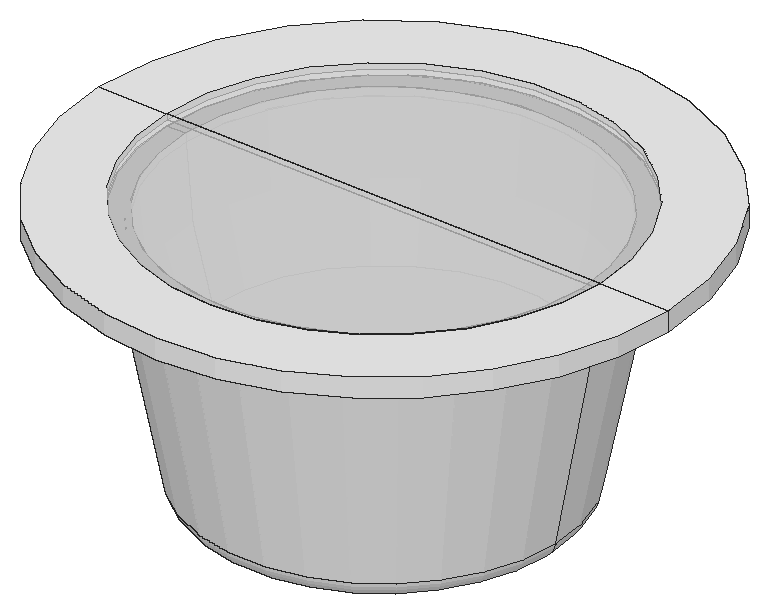
Revit family "2060560+2028036 Sylvania Lighting Fixture ASCENT 100 II ARCH 2700 3K STD 160 with IP44 Frost Glass", category Lighting Fixtures, host Face, Revit 2016
Family settings
  Host = Face
  Part Type = Normal
  Round Connector Dimension = Use Diameter
  OmniClass Number = 23.80.70.11.17
  OmniClass Title = Specialized Lighting by Location or Use
  Cut with Voids When Loaded = No
  Light Source = Yes
  Shared = No
  Room Calculation Point = No
Parameters (values of type "2060560+2028036 ASCT100 II ARCH 2700 3K STD 160 with IP44 Frost Glass")
  WidthBezelAcc_SYL = 25.0 mm
  Weight = "1.2 kg"
  Wattage = 21 W
  WarrantyStartDate [instance] = "n/a"
  WarrantyGuarantorParts = "n/a"
  WarrantyDurationUnit = "n/a"
  WarrantyDurationParts = "n/a"
  WarrantyDescription = "n/a"
  built-in parameter 1150110 = 1 (stored number, unit not read)
  Voltage = 0 V
  VisibilityAccessory_SYL = yes
  TypeName = "ASCENT 100 II ARCH 2700 3K STD 160 with IP44 Frost Glass"
  built-in parameter 1114217 = 1 (stored number, unit not read)
  Tilt Angle = -90°
  built-in parameter 1150109 = 1 (stored number, unit not read)
  built-in parameter 1150134 = (empty or 0)
  built-in parameter 1150113 = 1 (stored number, unit not read)
  SerialNumber [instance] = "n/a"
  ReflectorRadius_SYL = Radius_SYL - 14.5 mm  # 80.0 mm
  RadiusAcc_SYL = 105.0 mm
  Radius_SYL = 94.5 mm
  URL = "http://www.sylvania-lighting.com"
  PowerFactor = 0
  PowerConsumption = "21 W"
  Photometric Web File = "2060560.ies"
  NominalWidth = 0.0 mm
  NominalLength = 0.0 mm
  NominalHeight = 94.0 mm
  Name = "ASCENT 100 II ARCH 2700 3K STD 160 with IP44 Frost Glass"
  ModelReference = "ASCENT 100 II ARCH 2700 3K STD 160 with IP44 Frost Glass"
  ModelNumber = "2060560+2028036"
  Material_4_SYL = none
  Material_3_SYL = Polycarbonate_Sylvania_Ascent_Opal
  Material_2_SYL = Aluminium_Sylvania_Ascent_Silver
  Material_1_SYL = Aluminum_Sylvania_Ascent_White
  Material = "aluminium housing, arcylic diffuser"
  ManufacturerName = "Feilo Sylvania"
  LuminousEfficacy = "126 lm/W"
  built-in parameter 1150105 = 210.56 (stored number, unit not read)
  Lumens = 2646 lm
  LuminaireType = ""
  built-in parameter 1150115 = 1 (stored number, unit not read)
  LightOutputRatio = "100"
  built-in parameter 1150137 = (empty or 0)
  built-in parameter 1150139 = (empty or 0)
  LampsType = Lamp  # "LED"
  LampNominalLuminous = "2649 lm"
  LampMacAdamStep = "3"
  LampColourTemperature = "3000 K"
  LampColourRenderingIndex = "80"
  built-in parameter 1150112 = 1 (stored number, unit not read)
  built-in parameter 1150114 = 1 (stored number, unit not read)
  Keynote = "16500"
  InstallationDate [instance] = "n/a"
  InputVoltage = "n/a"
  InputNominalFrequency = "n/a"
  built-in parameter 1150132 = (empty or 0)
  built-in parameter 1150102 = (empty or 0)
  built-in parameter 1150107 = 3000 (stored number, unit not read)
  built-in parameter 1150138 = (empty or 0)
  IngressProtection = "IP44"
  ImpactProtectionIndex = "IK02"
  built-in parameter 1150106 = 2.1056 (stored number, unit not read)
  IfcExportType = "IfcLightFixtureType"
  IfcExportAs = "IfcLightFixtureType"
  Height_SYL = 94.0 mm
  HeightAcc_SYL = 7.0 mm
  ExpectedLife = 50000
  EmittionSurface_SYL = if(VisibilityAccessory_SYL, 7.0 mm, 3.0 mm)  # 7.0 mm
  Emit from Circle Diameter = DiffuserRadius_SYL * 2  # 146.0 mm
  Emit Shape Visible in Rendering = no
  ElectricShockClassification = "Class II"
  built-in parameter 1150104 = 11.706 (stored number, unit not read)
  DurationUnit = "hours"
  DocumentationLiterature = "http://www.sylvania-lighting.com/product/en-int/products/2060560"
  DimmingControlOptions = "n/a"
  Dimming Lamp Color Temperature Shift = <None>
  DiffuserRadius_SYL = ReflectorRadius_SYL - 7.0 mm  # 73.0 mm
  Diameter_SYL = 2 * Radius_SYL  # 189.0 mm
  CutoutDiameter_SYL = Diameter_SYL - 13.0 mm  # 176.0 mm
  CreatedOn = "9/17/2018"
  CreatedBy = "@sylvania-lighting.com"
  Color Filter = 16777215
  built-in parameter 1114216 [instance] = 1 (stored number, unit not read)
  Model = "ASCENT 100 II ARCH 2700 3K STD 160 with IP44 Frost Glass"
  Manufacturer = "Feilo Sylvania"
  Lamp = "LED"
  Description = "Direct LED retro fit for original LED 100 Arch (160) single CFL lamp offering Matching lumen levels and improved light distribution of original LED 100 CFL lamp equivalents Typically half the power consumption compared to CFL Up to 112lm/W 160mm aperture Architectural reflector accepts range of glass accessories from existing LED 100 Arch 160 offering HE, HO and VHO versions equivalent of single 1 x 18W, 1 x 32W, 1 x 42W\r\n Additional VVHO versions which offer the performance circa 2 x 32W equivalent"  # constant formula
  Default Elevation = 0.0 mm
  built-in parameter 1140040 [instance] = 1
  BarCode [instance] = "n/a"
  built-in parameter 1114218 = 1 (stored number, unit not read)
  built-in parameter 1150133 = 10 (stored number, unit not read)
  AssetType = "Fixed"
  AssetIdentifier [instance] = "n/a"
  Assembly Code = "D5020200"
  Apparent Load = 21 VA
  Aperture_SYL = 2 * ReflectorRadius_SYL  # 160.0 mm
Reference planes
  plane 1 "Center (Front/Back)": y = 0
  plane 2: z = 0
  plane 3 "Center (Left/Right)": x = 0
  plane 4 "Fixture Bottom": z = 3
  plane 5: z = -52.5
  plane 6 "Fixture Top": z = -91
  plane 7: x = -105
  plane 8: z = 7
  plane 9: x = -80
  plane 10: z = 5
  plane 11: x = -103
Forms (mm)
  Extrusion 1, solid, material "Aluminum_Sylvania_Ascent_White", detail levels fine
    sketch origin (0, 0, 0) x (1, 0, 0) y (0, 1, 0)
      loop
        circle (0, 0) r 94.5
      loop
        circle (0, 0) r 80
    from 0 to 3
  Extrusion 2, void
    sketch origin (0, 0, 0) x (1, 0, 0) y (0, 1, 0)
      loop
        circle (0, 0) r 88
    from -91 to 3
  Revolve 3, solid, material "Aluminum_Sylvania_Ascent_White" <- "Material_1_SYL", detail levels fine
    sketch origin (0, 0, 0) x (1, 0, 0) y (0, 0, 1)
      loop
        line (0, -91.073) -> (0, -89.023) -> (-55.468, -89.014)
        arc (-55.468, -89.014) -> (-59.352, -87.613) -> (-61.54, -84.139) r 6.307
        line (-61.54, -84.139) -> (-77.991, -2.844) -> (-77.991, 0) -> (-80, 0) -> (-80, -3) -> (-63.5, -84.536)
        arc (-63.5, -84.536) -> (-60.643, -89.203) -> (-55.5, -91.073) r 8.291
        line (-55.5, -91.073) -> (0, -91.073)
      axis (0, 0) -> (0, -91.073)
    angle from 0 to 360
  Revolve 4, solid, material "Aluminium_Sylvania_Ascent_Silver" <- "Material_2_SYL", detail levels fine
    sketch origin (0, 0, 0) x (1, 0, 0) y (0, 0, 1)
      loop
        line (-80, 3) -> (-80, 0) -> (-75, 0)
        arc (-75, 0) -> (-72.349, -26.77) -> (-64.5, -52.5) r 136.5
        line (-64.5, -52.5) -> (-58, -52.5)
        arc (-58, -52.5) -> (-56.857, -61.521) -> (-53.5, -69.971) r 36.166
        line (-53.5, -69.971) -> (0, -69.971) -> (0, -50.5) -> (-63.16, -50.5)
        arc (-63.16, -50.5) -> (-70.517, -25.725) -> (-73, 0) r 134.5
        line (-73, 0) -> (-73, 3) -> (-80, 3)
      axis (0, 3) -> (0, -69.971)
    angle from 0 to 360
  Extrusion 5, solid, material "Polycarbonate_Sylvania_Ascent_Opal" <- "Material_3_SYL", detail levels fine
    sketch origin (0, 0, 0) x (1, 0, 0) y (0, 1, 0)
      loop
        circle (0, 0) r 73
    from 0 to 3
  Revolve 6, solid, material "Aluminum_Sylvania_Ascent_White" <- "Material_1_SYL", detail levels coarse+medium
    sketch origin (0, 0, 0) x (1, 0, 0) y (0, 0, 1)
      loop
        line (0, -91.073) -> (0, 3) -> (-94.5, 3) -> (-94.5, 0) -> (-79.5, 0) -> (-79.5, -3) -> (-63, -84.536)
        arc (-63, -84.536) -> (-60.143, -89.203) -> (-55, -91.073) r 8.291
        line (-55, -91.073) -> (0, -91.073)
      axis (0, 3) -> (0, -91.073)
    angle from 0 to 360
  Revolve 7, solid, material "Aluminum_Sylvania_Ascent_White" <- "Material_1_SYL", visible <- "VisibilityAccessory_SYL"
    sketch origin (0, 0, 0) x (1, 0, 0) y (0, 0, 1)
      loop
        line (-105, 0) -> (-103, 0) -> (-103, 5) -> (-80, 5) -> (-80, 7) -> (-105, 7) -> (-105, 0)
      axis (0, 7) -> (0, 0)
    angle from 0 to 360
  Revolve 8, solid, material "Polycarbonate_Sylvania_Ascent_Opal" <- "Material_3_SYL", visible <- "VisibilityAccessory_SYL"
    sketch origin (0, 0, 0) x (1, 0, 0) y (0, 0, 1)
      loop
        line (-80, 7) -> (-80, 5) -> (0, 5) -> (0, 7) -> (-80, 7)
      axis (0, 7) -> (0, 5)
    angle from 0 to 360
Lines and regions (mm)
  reference lines
    curve 1: line (-150, 0, 7) -> (125, 0, 7)
Dimensions and locks
  locked: plane 4 "Fixture Bottom" to plane 2 at 3
  "Height_SYL": plane 4 "Fixture Bottom" to plane 6 "Fixture Top"
  "ReflectorRadius_SYL": plane 3 "Center (Left/Right)" to Revolve 4 sketch curve
  locked: Revolve 4 sketch curve to Revolve 4 sketch curve at 15.5
  locked: Revolve 4 sketch curve to Revolve 4 sketch curve at 5
  locked: Revolve 4 sketch curve to Revolve 4 sketch curve at 7
  locked: Revolve 4 sketch curve to Revolve 4 sketch curve at 22
  locked: Revolve 4 sketch curve to Revolve 4 sketch curve at 26.5
  locked: Revolve 3 sketch curve to Revolve 3 sketch curve at 16.5
  locked: Revolve 3 sketch curve to Revolve 3 sketch curve at 24.5
  "ReflectorRadius_SYL": Revolve 3 sketch curve to plane 3 "Center (Left/Right)"
  locked: Revolve 3 sketch curve to plane 6 "Fixture Top" at 6.464
  locked: plane 2 to Revolve 3 sketch curve at 3
  locked: Revolve 3 sketch curve to Revolve 3 sketch curve at 2
  locked: Revolve 3 sketch curve to Revolve 3 sketch curve at 2.009
  locked: plane 2 to plane 5 at 52.5
  locked: Revolve 6 sketch curve to Revolve 6 sketch curve at 31.5
  locked: Revolve 6 sketch curve to Revolve 6 sketch curve at 39.5
  locked: Revolve 6 sketch curve to Revolve 6 sketch curve at 15
  "Radius_SYL": plane 3 "Center (Left/Right)" to Revolve 6 sketch curve
  "RadiusAcc_SYL": plane 3 "Center (Left/Right)" to plane 7
  "HeightAcc_SYL": plane 8 to level
  "WidthBezelAcc_SYL": plane 7 to plane 9
  locked: plane 7 to plane 11 at 2
  locked: plane 8 to plane 10 at 2
  "EmittionSurface_SYL": curve 1 to level
  "CutoutDiameter_SYL": diameter of Extrusion 2 sketch curve
  "ReflectorRadius_SYL": radius of Extrusion 1 sketch curve
  "DiffuserRadius_SYL": radius of Extrusion 5 sketch curve
  "Radius_SYL": radius of Extrusion 1 sketch curve
  aligned and locked: host face to plane 2
  aligned and locked: host face to level
  aligned and locked: plane 4 "Fixture Bottom" to Extrusion 1
  aligned and locked: Extrusion 1 to plane 2
  aligned and locked: Revolve 3 sketch curve to plane 3 "Center (Left/Right)"
  aligned and locked: Revolve 4 sketch curve to plane 3 "Center (Left/Right)"  (x2)
  aligned and locked: plane 4 "Fixture Bottom" to Revolve 4 sketch curve
  aligned and locked: Extrusion 5 to plane 2
  aligned and locked: plane 2 to Revolve 3 sketch curve  (x2)
  aligned and locked: Revolve 6 sketch curve to plane 3 "Center (Left/Right)"
  aligned and locked: plane 6 "Fixture Top" to Extrusion 2
  aligned and locked: Revolve 7 sketch curve to plane 3 "Center (Left/Right)"
  aligned and locked: host face to Revolve 7 sketch curve  (x2)
  aligned and locked: Revolve 7 sketch curve to plane 7
  aligned and locked: plane 8 to Revolve 7 sketch curve
  aligned and locked: plane 9 to Revolve 7 sketch curve
  aligned and locked: Revolve 7 sketch curve to plane 10
  aligned and locked: plane 11 to Revolve 7 sketch curve
  aligned and locked: Revolve 7 to Revolve 8 sketch curve
  aligned and locked: Revolve 8 sketch curve to Revolve 7  (x2)
  aligned and locked: Revolve 8 sketch curve to plane 3 "Center (Left/Right)"  (x2)
  aligned and locked: plane 3 "Center (Left/Right)" to imposter light
  aligned and locked: imposter light to plane 1 "Center (Front/Back)"
  aligned and locked: imposter light to curve 1
Automatic sketch dimensions
  plane 1 "Center (Front/Back)" to Extrusion 2 sketch curve = 0.0 mm
  Extrusion 2 sketch curve to plane 3 "Center (Left/Right)" = 0.0 mm
  Extrusion 1 sketch curve to Extrusion 1 sketch curve = 0.0 mm  (x2)
  plane 1 "Center (Front/Back)" to Extrusion 1 sketch curve = 0.0 mm
  Extrusion 1 sketch curve to plane 3 "Center (Left/Right)" = 0.0 mm
  plane 6 "Fixture Top" to Revolve 3 sketch curve = 0.073 mm
  Revolve 3 sketch curve to plane 6 "Fixture Top" = 6.861 mm
  Revolve 3 sketch curve to Revolve 3 sketch curve = 0.003 mm
  Revolve 3 sketch curve to Revolve 3 sketch curve = 0.009 mm  (x2)
  Revolve 3 sketch curve to Revolve 3 sketch curve = 0.023 mm
  Revolve 3 sketch curve to Revolve 3 sketch curve = 0.072 mm
  Revolve 3 sketch curve to Revolve 3 sketch curve = 0.008 mm
  Revolve 3 sketch curve to plane 6 "Fixture Top" = 1.977 mm
  Revolve 3 sketch curve to Revolve 3 sketch curve = 33.496 mm
  Revolve 3 sketch curve to Revolve 3 sketch curve = 0.028 mm
  plane 4 "Fixture Bottom" to Revolve 3 sketch curve = 82.431 mm
  Revolve 4 sketch curve to Revolve 4 sketch curve = 0.0 mm  (x2)
  Revolve 4 sketch curve to plane 5 = 0.0 mm
  Revolve 4 sketch curve to level = 0.0 mm
  plane 5 to Revolve 4 sketch curve = 2.0 mm
  plane 4 "Fixture Bottom" to Revolve 4 sketch curve = 9.642 mm
  plane 1 "Center (Front/Back)" to Extrusion 5 sketch curve = 0.0 mm
  Extrusion 5 sketch curve to plane 3 "Center (Left/Right)" = 0.0 mm
  Revolve 4 sketch curve to level = 69.971 mm
  Revolve 4 sketch curve to Revolve 4 sketch curve = 2.387 mm
  Revolve 6 sketch curve to level = 0.0 mm
  Revolve 6 sketch curve to plane 3 "Center (Left/Right)" = 0.0 mm
  Revolve 6 sketch curve to Revolve 6 sketch curve = 8.104 mm
  Revolve 6 sketch curve to level = 3.0 mm
  Revolve 6 sketch curve to plane 6 "Fixture Top" = 6.464 mm
  plane 6 "Fixture Top" to Revolve 6 sketch curve = 0.073 mm
  Revolve 6 sketch curve to Revolve 6 sketch curve = 33.496 mm
  plane 4 "Fixture Bottom" to Revolve 6 sketch curve = 82.431 mm
  host sketch curve to host sketch curve = 1704.996 mm
  host sketch curve to host sketch curve = 1500.0 mm
  plane 6 "Fixture Top" to Revolve 7 sketch curve = 281.274 mm
  Revolve 7 sketch curve to plane 8 = 1140.706 mm
  plane 6 "Fixture Top" to Revolve 8 sketch curve = 281.274 mm
  Revolve 8 sketch curve to Revolve 8 sketch curve = 1140.706 mm
  Revolve 3 sketch curve to plane 3 "Center (Left/Right)" = 0.0 mm
  Revolve 6 sketch curve to plane 4 "Fixture Bottom" = 0.0 mm
  plane 7 to curve 1 = 45.0 mm
  plane 3 "Center (Left/Right)" to curve 1 = 125.0 mm
Connectors
  electrical at (0, 0, -91.073), driven by "Apparent Load"
    settings: on Revolve 3, index 1, voltage 240 V, apparent load 0 VA, apparent load phase1 21 VA, apparent load phase2 0 VA, apparent load phase3 0 VA, power factor 1, load classification "Lighting", number of poles 1, system type 31, power factor state 1, is connector primary yes, connector utility no, sub classification motor no, connector description ""
